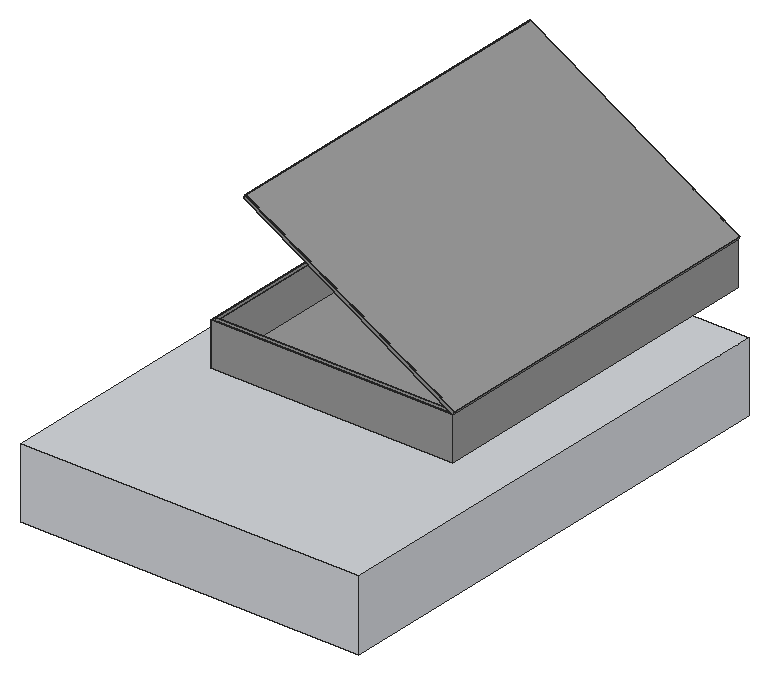
Revit family "Hager-Univers-IP54-D205-H550-Cl.I-Encl-CH-de", category Equipement électrique, Revit 2020
Family settings
  Hôte = Face
  Configuration du panneau = Deux colonnes, circuits au sein
  Cote de connecteur circulaire = Utiliser le diamètre
  Type d'élément = Tableau de raccordement
  Couper avec des vides une fois chargée = Non
  Partagée = Non
  Point de calcul de pièce = Non
Parameters (values of type "Aufputz IP54 B1050 H1550 T205  - FP04TW2")
  Width Control [instance] = if([EF000008 - Breite] > Min Width, [EF000008 - Breite], Min Width)  # 1050 mm
  Commentaires du type = [HG000003 - Bereich]  # "Univers"
  Thickness Door [instance] = if([EF009171 - Materialstärke Tür/Deckel] > 3 mm, 3 mm, [EF009171 - Materialstärke Tür/Deckel])  # 1 mm
  Seal Frame Offset [instance] = 17 mm  # constant formula
  Plinth Visibility [instance] = [HG000027 - Sockelhöhe] > 0 mm  # no
  Model = ""
  Min Width [instance] = 100 mm  # constant formula
  Min Height [instance] = 100 mm  # constant formula
  Min Depth [instance] = (2 * [EF009170 - Materialstärke Gehäuse]) + 1 mm  # 3 mm
  Internal Frame Depth [instance] = (Door System Depth * 0.5)  # 9 mm
  Height Control [instance] = if([EF000040 - Höhe] > Min Height, [EF000040 - Höhe], Min Height)  # 1550 mm
  HG000027 - Sockelhöhe = 0 mm
  HG000026 - Stehend auf dem Boden = no
  HG000024 - Höhe des unteren Teils = 800 mm
  HG000023 - Gehäuse mit doppeltem Querschnitt = no
  HG000016 - 3D-Türsichtbarkeit [instance] = yes
  HG000015 - Sichtbarkeit der Türöffnung [instance] = no
  HG000014 - Tür rechts [instance] = yes
  HG000013 - Tür links [instance] = not([HG000014 - Tür rechts])  # no
  HG000012 - Türschwenkwinkel [instance] = 30.00°
  HG000010 - Asymmetrische Türen = no
  HG000009 - Doppelflügeligen Tür = no
  HG000006 - Unterputz = no
  HG000004 - Herstellerreferenz = "FP04TW2"
  HG000003 - Bereich = "Univers"
  HG000002 - Mit tür = yes
  Frame Offset Bottom [instance] = 10 mm  # constant formula
  Frame Offset [instance] = 15 mm  # constant formula
  EF015940 - Deckel mit Überdruckentlastung = no
  EF011959 - Schutzart (NEMA) = ""
  EF009554 - Anzahl der Öffnungen für Flanschplatten = 8
  Fabricant = "Hager"  # constant formula
  EF009212 - Ausführung Deckel = "EV000116 - geschlossen"
  EF009171 - Materialstärke Tür/Deckel = 1 mm
  EF009170 - Materialstärke Gehäuse = 1 mm
  EF008873 - Nennstrom (In) = 400 A
  EF007800 - Geeignet für Blitzschutz = no
  EF006306 - Mit Schloss = no
  EF006244 - Transparenter Deckel/Tür = no
  EF005474 - Schutzart (IP) = "EV006419 - IP54"
  EF004464 - Art der Tür = "EV003602 - Doppel"
  EF004427 - Anzahl der Module = 480
  EF004293 - Schlagfestigkeit = "EV006815 - IK09"
  EF003532 - Geeignet für Außengebrauch = no
  EF002950 - Breite in Teilungseinheiten = 48
  EF001613 - Funktionserhalt = "EV000494 - ohne"
  EF001596 - Werkstoff des Gehäuses = "EV000179 - Stahl"
  EF001131 - Innentiefe = 205 mm
  EF001088 - Anbaumöglichkeit = yes
  EF000437 - Anzahl der Leitungseinführungen = 8
  EF000339 - Art der Abdeckung = "EV001012 - Deckel"
  EF000266 - Anzahl der Reihen = 10
  EF000218 - Einbautiefe = 205 mm
  EF000118 - Mit Montageplatte = no
  EF000116 - RAL-Nummer = "9010"
  EF000049 - Tiefe = 205 mm
  EF000040 - Höhe = 1550 mm
  EF000008 - Breite = 1050 mm
  EF000007 - Farbe = "EV000202 - weiß"
  EF000003 - Montageart = "EV000384 - Aufputz"
  Door System Leaf Tolerance [instance] = 1.5 mm  # constant formula
  Door System Depth [instance] = 18 mm  # constant formula
  Door Height [instance] = Height Control - [HG000027 - Sockelhöhe]  # 1550 mm
  Depth Control [instance] = if([EF000049 - Tiefe] > Min Depth, [EF000049 - Tiefe], Min Depth)  # 205 mm
  Default Elevation = 0 mm
  Connector Offset [instance] = Height Control / 2  # 775 mm
  Bottom Top Plate Trim [instance] = 1.5 mm  # constant formula
  Plinth height Ctrl [instance] = if([HG000027 - Sockelhöhe] > 0 mm, [HG000027 - Sockelhöhe], 12 mm)  # 12 mm
Reference planes
  plane 1 "Center (Front/Back)": y = 0
  plane 2: z = 0
  plane 3 "Center (Left/Right)": x = 0
  plane 4: z = 205
  plane 5: y = 1
  plane 6: y = 775
  plane 7: y = 0
  plane 8: y = 1550
  plane 9: z = 0
  plane 10: x = -510
  plane 11: x = 510
  plane 12: x = 509
  plane 13: x = -509
  plane 14: y = 1549
  plane 15: x = -508
  plane 16: x = -525
  plane 17: x = 508
  plane 18: x = 525
  plane 19: x = 524
  plane 20: x = -524
  plane 21: y = 11
  plane 22: y = 1550
  plane 23: y = 1534
  plane 24: z = 187
  plane 25: z = 1
  plane 26: z = 186
  plane 27: z = 204
Forms (mm)
  Extrusion 1, solid
    sketch origin (0, 0, 0) x (1, 0, 0) y (0, 1, 0)
      loop
        line (-702.964, 1305) -> (-702.964, -811.445) -> (766.763, -811.445) -> (766.763, 1305) -> (-702.964, 1305)
    from 0 to -304.8
  Extrusion 2, solid, material "Hager_Steel_RAL7035_Light_Grey", visible <- "Plinth Visibility", detail levels medium+fine
    sketch origin (0, 0, 0) x (1, 0, 0) y (0, 1, 0)
      loop
        line (-525, 0) -> (525, 0) -> (525, 12) -> (-525, 12) -> (-525, 0)
    from 0 to 187
  Extrusion 3, solid, material "Hager_Steel_RAL7035_Light_Grey", detail levels medium+fine
    sketch origin (0, 0, 0) x (1, 0, 0) y (0, 1, 0)
      loop
        line (-525, 0) -> (525, 0) -> (525, 1550) -> (-525, 1550) -> (-525, 0)
    from 0 to 187
  Extrusion 4, void
    sketch origin (0, 0, 0) x (1, 0, 0) y (0, 1, 0)
      loop
        line (-524, 1) -> (524, 1) -> (524, 1549) -> (-524, 1549) -> (-524, 1)
    from 1 to 186
  Extrusion 5, void
    sketch origin (-381.607, -4572, 187) x (0, -1, 0) y (-1, 0, 0)
      loop
        line (-4583, 127.393) -> (-6106, 127.393) -> (-6106, -890.607) -> (-4583, -890.607) -> (-4583, 127.393)
    from 0 to 1 <- "EF009170 - Materialstärke Gehäuse"
  Extrusion 6, solid, material "Hager_Steel_RAL7035_Light_Grey", detail levels fine
    sketch origin (0, 0, 187) x (1, 0, 0) y (0, 1, 0)
      loop
        line (-509, 1534) -> (-509, 11) -> (509, 11) -> (509, 1534) -> (-509, 1534)
      loop
        line (-510, 10) -> (510, 10) -> (510, 1535) -> (-510, 1535) -> (-510, 10)
    from 0 to 9 <- "Internal Frame Depth"
  Extrusion 7, solid, material "Hager_Steel_RAL7035_Light_Grey", detail levels coarse
    sketch origin (0, 0, 0) x (1, 0, 0) y (0, 1, 0)
      loop
        line (-525, 0) -> (525, 0) -> (525, 1550) -> (-525, 1550) -> (-525, 0)
    from 0 to 205
  Sweep 8, void
    path in 3D
      loop
        line (-525, 12, 0) -> (525, 12, 0) -> (525, 12, 187) -> (-525, 12, 187) -> (-525, 12, 0)
    profile origin (-525, 12, 93.5) x (-1, 0, 0) y (0, -1, 0)
      loop
        line (0, 0) -> (0, 1.5) -> (-1.5, 1.5)
        arc (-1.5, 1.5) -> (-1.061, 0.439) -> (0, 0) r 1.5
Cuts and joins
  Extrusion 4, Extrusion 5 cuts Extrusion 3
  Sweep 8 cuts Extrusion 2
Lines and regions (mm)
  Masking region 1
    outline origin (0, 0, 0) x (1, 0, 0) y (0, 0, 1)
      loop
        line (-525, 205) -> (-525, 0) -> (525, 0) -> (525, 205) -> (-525, 205)
  Masking region 2, detail levels medium+fine
    outline origin (0, 140, 0) x (0, 1, 0) y (0, 0, 1)
      loop
        line (-140, 0) -> (1410, 0) -> (1410, 187) -> (-140, 187) -> (-140, 0)
  Masking region 3, not visible, detail levels medium+fine
    outline origin (0, 297.922, 0) x (0, 1, 0) y (0, 0, 1)
      loop
        line (488.578, 0) -> (528.578, 0) -> (528.578, 194)
        arc (528.578, 194) -> (525.649, 201.071) -> (518.578, 204) r 10
        line (518.578, 204) -> (488.578, 204) -> (488.578, 0)
  Masking region 4, detail levels coarse
    outline origin (0, 0, 180) x (0, 1, 0) y (0, 0, 1)
      loop
        line (0, -180) -> (1550, -180) -> (1550, 25) -> (0, 25) -> (0, -180)
  Masking region 5, visible <- "Plinth Visibility", detail levels medium+fine
    outline origin (0, 52.24, 12.345) x (0, 0, -1) y (0, 1, 0)
      loop
        line (10.845, -40.24) -> (-173.155, -40.24)
        arc (-173.155, -40.24) -> (-173.594, -41.301) -> (-174.655, -41.74) r 1.5
        line (-174.655, -41.74) -> (-174.655, -52.24) -> (12.345, -52.24) -> (12.345, -41.74)
        arc (12.345, -41.74) -> (11.285, -41.301) -> (10.845, -40.24) r 1.5
  Masking region 6, detail levels medium+fine
    outline origin (-381.607, -4572, 187) x (-1, 0, 0) y (0, -1, 0)
      loop
        line (143.393, -6122) -> (143.393, -4572) -> (-906.607, -4572) -> (-906.607, -6122) -> (143.393, -6122)
  Masking region 7, visible <- "Plinth Visibility", detail levels medium+fine
    outline origin (-381.607, -4727, 187) x (-1, 0, 0) y (0, -1, 0)
      loop
        arc (141.893, -4739) -> (142.332, -4737.939) -> (143.393, -4737.5) r 1.5
        line (143.393, -4737.5) -> (143.393, -4727) -> (-906.607, -4727) -> (-906.607, -4737.5)
        arc (-906.607, -4737.5) -> (-905.546, -4737.939) -> (-905.107, -4739) r 1.5
        line (-905.107, -4739) -> (141.893, -4739)
  Masking region 8, detail levels coarse
    outline origin (-442.548, -4669.526, 187) x (-1, 0, 0) y (0, -1, 0)
      loop
        line (82.452, -6219.526) -> (82.452, -4669.526) -> (-967.548, -4669.526) -> (-967.548, -6219.526) -> (82.452, -6219.526)
  sketch lines
    curve 1: line (-525, 12, 187) -> (-525, 12, 0)
    curve 2: line (525, 12, 187) -> (-525, 12, 187)
    curve 3: line (525, 12, 187) -> (525, 12, 0)
    curve 4: line (-525, 12, 0) -> (525, 12, 0)
Dimensions and locks
  "Depth Control": plane 4 to Extrusion 1
  "HG000027 - Sockelhöhe": plane 1 "Center (Front/Back)" to plane 7
  "EF009170 - Materialstärke Gehäuse": plane 5 to plane 7
  locked: connector elem to plane 3 "Center (Left/Right)"
  equal spacing: plane 8, plane 6, plane 7
  locked: connector elem to plane 6
  "EF009170 - Materialstärke Gehäuse": plane 8 to plane 14
  "EF009170 - Materialstärke Gehäuse": plane 10 to plane 13
  "EF009170 - Materialstärke Gehäuse": plane 12 to plane 11
  "Frame Offset": plane 20 to plane 13
  "Frame Offset": plane 12 to plane 19
  "EF009170 - Materialstärke Gehäuse": plane 16 to plane 20
  "EF009170 - Materialstärke Gehäuse": plane 19 to plane 18
  "Seal Frame Offset": plane 16 to plane 15
  "Seal Frame Offset": plane 17 to plane 18
  "Frame Offset Bottom": plane 21 to plane 5
  "Frame Offset": plane 14 to plane 23
  equal spacing: plane 16, plane 3 "Center (Left/Right)", plane 18
  "Width Control": plane 16 to plane 18
  "EF009170 - Materialstärke Gehäuse": plane 4 to plane 27
  "EF009170 - Materialstärke Gehäuse": plane 24 to plane 26
  "EF009170 - Materialstärke Gehäuse": plane 25 to level
  "Door System Depth": plane 4 to plane 24
  "Height Control": plane 1 "Center (Front/Back)" to Extrusion 7 sketch curve
  "Height Control": Masking region 4 sketch curve to plane 1 "Center (Front/Back)"
  "Height Control": plane 1 "Center (Front/Back)" to plane 22
  "Bottom Top Plate Trim": profile plane to Sweep 8 sketch curve
  "Bottom Top Plate Trim": Sweep 8 sketch curve to profile plane
  "Plinth height Ctrl": plane 1 "Center (Front/Back)" to Extrusion 2 sketch curve
  "Plinth height Ctrl": Masking region 5 sketch curve to plane 1 "Center (Front/Back)"
  "Plinth height Ctrl": plane 1 "Center (Front/Back)" to Masking region 7 sketch curve
  "Thickness Door": Extrusion 6 sketch curve to Extrusion 6 sketch curve  (x3)
  "Thickness Door": cut or joined group of Extrusion 3, Extrusion 4, Extrusion 5 to Extrusion 6 sketch curve
  radius of Masking region 3 sketch curve = 10 mm
  "Bottom Top Plate Trim": radius of Masking region 5 sketch curve  (x2)
  "Bottom Top Plate Trim": radius of Sweep 8 sketch curve
  "Bottom Top Plate Trim": radius of Masking region 7 sketch curve  (x2)
  aligned and locked: plane 2 to Extrusion 1
  aligned and locked: level to Extrusion 1
  aligned and locked: level to Masking region 1 sketch curve
  aligned and locked: Masking region 1 sketch curve to plane 18
  aligned and locked: Masking region 1 sketch curve to plane 16
  aligned and locked: plane 7 to Masking region 2 sketch curve
  aligned and locked: level to Masking region 3 sketch curve
  aligned and locked: Masking region 3 sketch curve to plane 27
  aligned and locked: level to Masking region 2 sketch curve
  aligned and locked: plane 1 "Center (Front/Back)" to Extrusion 2 sketch curve
  aligned and locked: Extrusion 3 sketch curve to plane 7
  aligned and locked: plane 16 to Extrusion 3 sketch curve
  aligned and locked: plane 18 to Extrusion 3 sketch curve
  aligned and locked: plane 20 to Extrusion 4 sketch curve
  aligned and locked: plane 19 to Extrusion 4 sketch curve
  aligned and locked: Extrusion 4 sketch curve to plane 5
  aligned and locked: Extrusion 4 to plane 25
  aligned and locked: plane 26 to Extrusion 4
  aligned and locked: plane 24 to Extrusion 3
  aligned and locked: Extrusion 5 sketch curve to plane 21
  aligned and locked: Extrusion 5 sketch curve to plane 13
  aligned and locked: Extrusion 5 sketch curve to plane 12
  aligned and locked: plane 18 to Extrusion 7 sketch curve
  aligned and locked: plane 1 "Center (Front/Back)" to Extrusion 7 sketch curve
  aligned and locked: plane 16 to Extrusion 7 sketch curve
  aligned and locked: plane 4 to Extrusion 7
  aligned and locked: Extrusion 7 to level
  aligned and locked: level to Masking region 4 sketch curve
  aligned and locked: Masking region 4 sketch curve to plane 1 "Center (Front/Back)"
  aligned and locked: Masking region 4 sketch curve to plane 4
  aligned and locked: nested 1 to level
  aligned and locked: nested 1 to plane 16
  aligned and locked: Extrusion 3 sketch curve to plane 8
  aligned and locked: Extrusion 5 sketch curve to plane 23
  aligned and locked: Extrusion 4 sketch curve to plane 14
  aligned and locked: Masking region 2 sketch curve to plane 8
  aligned and locked: level to Masking region 5 sketch curve
  aligned and locked: plane 16 to Extrusion 2 sketch curve
  aligned and locked: plane 18 to Extrusion 2 sketch curve
  aligned and locked: Masking region 5 sketch curve to plane 24
  aligned and locked: Masking region 2 sketch curve to plane 24
  aligned and locked: plane 24 to Extrusion 2
  aligned and locked: profile plane to Sweep 8 sketch curve  (x2)
  aligned and locked: Masking region 6 sketch curve to plane 18
  aligned and locked: Masking region 6 sketch curve to plane 22
  aligned and locked: Masking region 6 sketch curve to plane 16
  aligned and locked: plane 8 to plane 22
  aligned and locked: Masking region 6 sketch curve to plane 7
  aligned and locked: Masking region 7 sketch curve to plane 16
  aligned and locked: Masking region 7 sketch curve to plane 1 "Center (Front/Back)"
  aligned and locked: Masking region 7 sketch curve to plane 18
  aligned and locked: Masking region 8 sketch curve to plane 1 "Center (Front/Back)"
  aligned and locked: Masking region 8 sketch curve to plane 18
  aligned and locked: Masking region 8 sketch curve to plane 22
  aligned and locked: Masking region 8 sketch curve to plane 16
  aligned and locked: nested 2 to plane 7
  aligned and locked: plane 3 "Center (Left/Right)" to nested 2
  aligned and locked: nested 2 to plane 24
  aligned and locked: Extrusion 6 sketch curve to cut or joined group of Extrusion 3, Extrusion 4, Extrusion 5  (x4)
Automatic sketch dimensions
  Extrusion 1 sketch curve to Extrusion 1 sketch curve = 1469.727 mm
  Extrusion 1 sketch curve to Extrusion 1 sketch curve = 2116.445 mm
  Masking region 1 sketch curve to plane 4 = 0 mm
  plane 6 to Masking region 3 sketch curve = 11.5 mm
  Masking region 3 sketch curve to Masking region 3 sketch curve = 30 mm
  Masking region 5 sketch curve to plane 1 "Center (Front/Back)" = 0 mm
Nested families
  nested 1: "Hager_Enclosure_Symbol" at (-525, 0, 0) x (1, 0, 0) z (0, -1, 0), Height <- "Depth Control", Width <- "Width Control", type "Hager_Enclosure_Symbol"
    with Width_Ctrl 1050 mm, Width 1050 mm, Height_Ctrl 205 mm, Height 205 mm, A_Width_Int 13.453 mm, A_Width 161.438 mm, A_Height_Ctrl 179.375 mm, A_Height 179.375 mm
  nested 2: "EC000058_Univers_Door" at (0, 0, 187) x (1, 0, 0) z (0, 1, 0), Leaf_Tolerance <- "Door System Leaf Tolerance", Angle <- "HG000012 - Türschwenkwinkel", Door_Depth <- "Door System Depth", Door_Left <- "HG000013 - Tür links", Transparent <- "EF006244 - Transparenter Deckel/Tür", Assymetrical <- "HG000010 - Asymmetrische Türen", Width <- "Width Control", Clearance <- "HG000015 - Sichtbarkeit der Türöffnung", Double <- "HG000009 - Doppelflügeligen Tür", 3d_Door <- "HG000016 - 3D-Türsichtbarkeit", Lock_Visibility <- "EF006306 - Mit Schloss", Width_Ctrl <- "Width Control", Door_Right <- "HG000014 - Tür rechts", Door <- "HG000002 - Mit tür", Height <- "Door Height", Thickness <- "Thickness Door", type "EC000058_Univers_Door", detail levels medium+fine
    with min_wh 3 mm, Width_Ctrl 1050 mm, Width 1050 mm, Transparent no, Thickness 1 mm, Seal_Material Hager_Rubber, Lock_Visibility no, Lock_Material Hager_Plastic_RAL9005_Jet_Black, Leaf_Width 1050 mm, Leaf_Tolerance_External_Sides 0 mm, Leaf_Tolerance 1.5 mm, Leaf_Offset 0 mm, Leaf_Height 1547 mm, Leaf_2_Width 1050 mm, Leaf_2_Offset 525 mm, Leaf_1_Width 1050 mm, Leaf_1_Offset 525 mm, Height_Ctrl 1550 mm, Height 1550 mm, Glass_Material Hager_Glass, Double_Clearance_Ctrl no, Double no, Door_Right_Ctrl yes, Door_Right yes, Door_Material Hager_Steel_RAL7035_Light_Grey, Door_Left_Ctrl no, Door_Left no, Door_Depth 18 mm, Door yes, Clearance_Material Hager_Clearance, Clearance_Depth 1050 mm, Clearance_Ctrl no, Clearance no, Assymetrical no, Angle 30.00°, 3d_Door yes
Connectors
  electrical at (0, 775, 0)
    settings: on plane 9, index 1, voltage 0 V, apparent load 0 VA, apparent load phase1 0 VA, apparent load phase2 0 VA, apparent load phase3 0 VA, power factor 1, load classification "Other", number of poles 1, system type 30, power factor state 1, is connector primary yes, connector utility no, sub classification motor no, connector description ""
Definition of nested family "EC000058_Univers_Door"
  Parameters (values of type "EC000058_Univers_Door")
    min_wh [instance] = (2 * Thickness) + 1 mm  # 11 mm
    Width_Ctrl [instance] = 400 mm
    Width [instance] = 500 mm
    Transparent [instance] = yes
    Thickness [instance] = 5 mm
    Seal_Material [instance] = none
    Lock_Visibility [instance] = yes
    Lock_Material [instance] = none
    Leaf_Width [instance] = if((Width_Ctrl - 2 * Leaf_Tolerance_External_Sides) > 0 mm, (Width_Ctrl - 2 * Leaf_Tolerance_External_Sides), min_wh)  # 400 mm
    Leaf_Tolerance_External_Sides [instance] = 0 mm  # constant formula
    Leaf_Tolerance [instance] = 1.5 mm
    Leaf_Offset [instance] = 0 mm  # constant formula
    Leaf_Height [instance] = if((Height_Ctrl - 2 * Leaf_Tolerance) > 0 mm, (Height_Ctrl - 2 * Leaf_Tolerance), min_wh)  # 497 mm
    Leaf_2_Width [instance] = if(and(and(Double, Assymetrical), Door_Left), (Leaf_Width / 3) - (Leaf_Tolerance / 2), if(and(and(Double, Assymetrical), Door_Right), (Leaf_Width / 3) * 2 - (Leaf_Tolerance / 2), if(and(Double, not(Assymetrical)), (Leaf_Width / 2) - Leaf_Tolerance, Leaf_Width)))  # 400 mm
    Leaf_2_Offset [instance] = if(and(Double, Assymetrical), Leaf_2_Width / 2, if(and(Double, not(Assymetrical)), Leaf_Width / 4, Leaf_Width / 2))  # 200 mm
    Leaf_1_Width [instance] = if(and(and(Double, Assymetrical), Door_Right), (Leaf_Width / 3) - (Leaf_Tolerance / 2), if(and(and(Double, Assymetrical), Door_Left), (Width / 3) * 2 - (Leaf_Tolerance / 2), if(and(Double, not(Assymetrical)), (Leaf_Width / 2) - Leaf_Tolerance, Leaf_Width)))  # 400 mm
    Leaf_1_Offset [instance] = if(and(Double, Assymetrical), Leaf_1_Width / 2, if(and(Double, not(Assymetrical)), Leaf_Width / 4, Leaf_Width / 2))  # 200 mm
    Height_Ctrl [instance] = if(Height > min_wh, Height, min_wh)  # 500 mm
    Height [instance] = 500 mm
    Glass_Material [instance] = none
    Double_Clearance_Ctrl [instance] = and(Double, Clearance)  # no
    Double [instance] = no
    Door_Right_Ctrl [instance] = and(or(Door_Right, Double), Door)  # yes
    Door_Right [instance] = yes
    Door_Material [instance] = none
    Door_Left_Ctrl [instance] = and(or(Door_Left, Double), Door)  # no
    Door_Left [instance] = no
    Door_Depth [instance] = 30 mm
    Door [instance] = yes
    Default Elevation = 1219.2 mm
    Clearance_Material [instance] = none
    Clearance_Depth [instance] = if(Leaf_1_Width > Leaf_2_Width, Leaf_1_Width, Leaf_2_Width)  # 400 mm
    Clearance_Ctrl [instance] = and(not(Double), Clearance)  # yes
    Clearance [instance] = yes
    Assymetrical [instance] = yes
    Angle [instance] = 30.00°
    3d_Door [instance] = yes
  Reference planes
    plane 1 "Center (Front/Back)": y = 0
    plane 2 "Bottom": z = 0
    plane 3 "Center (Left/Right)": x = 0
    plane 4: z = 500
    plane 5: x = -200
    plane 6: x = 200
    plane 7: z = 500
    plane 8: x = -200
    plane 9: z = 0
    plane 10: x = 200
    plane 11: y = 0
    plane 12: z = 1.5
    plane 13: x = -600
    plane 14: y = -400
    plane 15: x = 600
    plane 16: x = 0
    plane 17: x = 0
    plane 18: x = -200
    plane 19: x = 200
    plane 20: z = 498.5
  Forms (mm)
    Extrusion 1, solid, material <- "Clearance_Material", visible <- "Double_Clearance_Ctrl"
      sketch origin (1200, 0, 0) x (1, 0, 0) y (0, 0, -1)
        loop
          line (-1800, -498.5) -> (-600, -498.5) -> (-600, 0) -> (-1800, 0) -> (-1800, -498.5)
      from 0 to -400
  Dimensions and locks
    equal spacing: plane 5, plane 3 "Center (Left/Right)", plane 6
    "Width_Ctrl": plane 5 to plane 6
    "Leaf_Offset": plane 5 to plane 8
    "Leaf_Offset": plane 6 to plane 10
    "Leaf_Offset": plane 9 to level
    "Leaf_Offset": plane 4 to plane 7
    "Height_Ctrl": plane 4 to level
    "Leaf_Tolerance": plane 12 to plane 9
    locked: plane 11 to plane 1 "Center (Front/Back)"
    "Leaf_1_Offset": plane 18 to plane 16
    "Leaf_2_Offset": plane 17 to plane 19
    "Leaf_1_Width": plane 13 to plane 8
    "Leaf_2_Width": plane 10 to plane 15
    "Clearance_Depth": plane 14 to plane 1 "Center (Front/Back)"
    "Leaf_Tolerance_External_Sides": plane 8 to plane 18
    "Leaf_Tolerance_External_Sides": plane 19 to plane 10
    "Leaf_Tolerance": plane 7 to plane 20
    aligned and locked: level to plane 2 "Bottom"
    aligned and locked: nested 1 to plane 16
    aligned and locked: nested 2 to plane 17
    aligned and locked: Extrusion 1 to plane 13
    aligned and locked: plane 15 to Extrusion 1
    aligned and locked: Extrusion 1 to plane 14
    aligned and locked: plane 12 to nested 1
    aligned and locked: nested 2 to plane 12
    aligned and locked: Extrusion 1 to plane 11
    aligned and locked: plane 20 to Extrusion 1
    aligned and locked: nested 2 to plane 11
    aligned and locked: nested 1 to plane 11
  Automatic sketch dimensions
    Extrusion 1 sketch curve to level = 0 mm
    plane 5 to Extrusion 1 sketch curve = 400 mm
    plane 6 to Extrusion 1 sketch curve = 400 mm
    Extrusion 1 sketch curve to plane 4 = 1.5 mm
  Nested families
    nested 1: "EC000058_Univers_Door_Leaf" at (0, 0, 1.5), Width <- "Leaf_1_Width", visible <- "Door_Left_Ctrl", Leaf_Height <- "Leaf_Height", Angle <- "Angle", 3d_Door <- "3d_Door", Transparent <- "Transparent", Clearance Material <- "Clearance_Material", Clearance <- "Clearance_Ctrl", Door_Material <- "Door_Material", Glass_Material <- "Glass_Material", Door_Depth <- "Door_Depth", Lock_Material <- "Lock_Material", Seal_Material <- "Seal_Material", Lock_Visibility <- "Lock_Visibility", Thickness <- "Thickness", type "EC000058_Univers_Door_Leaf"
      with Width 400 mm, Transparent_Glass_Offset 30 mm, Transparent_Ctrl yes, Transparent yes, Thickness 5 mm, Standard no, Seal_Material none, Seal_D2 8 mm, Seal_D1 1 mm, Offset_Internal_Frame 10 mm, Lock_Width 20 mm, Lock_Visibility_3d yes, Lock_Visibility yes, Lock_Thickness_3 3 mm, Lock_Thickness_2 1 mm, Lock_Thickness_1 3 mm, Lock_Radius_Offset_2 16 mm, Lock_Radius_Offset_1 15 mm, Lock_Radius_2 5 mm, Lock_Radius 6 mm, Lock_Offset 5 mm, Lock_Material none, Lock_Height 80 mm, Lock_Cover_Top_Offset_2d 17 mm, Lock_Cover_Height -65 mm, Leaf_Height 497 mm, Internal_Seal_Thickness 8 mm, Internal_Seal_Depth_2 4.5 mm, Internal_Frame_Depth 25 mm, Glass_Thickness -1 mm, Glass_Offset -2 mm, Glass_Material none, Door_Material none, Door_Depth 30 mm, Clearance Material none, Clearance yes, Angle_Ctrl 30.00°, Angle 30.00°, 3d_Door yes
    nested 2: "EC000058_Univers_Door_Leaf" at (0, 0, 1.5) x (-1, 0, 0) z (0, 0, 1), Width <- "Leaf_2_Width", visible <- "Door_Right_Ctrl", Leaf_Height <- "Leaf_Height", Angle <- "Angle", 3d_Door <- "3d_Door", Transparent <- "Transparent", Clearance Material <- "Clearance_Material", Clearance <- "Clearance_Ctrl", Door_Material <- "Door_Material", Glass_Material <- "Glass_Material", Door_Depth <- "Door_Depth", Lock_Material <- "Lock_Material", Seal_Material <- "Seal_Material", Lock_Visibility <- "Lock_Visibility", Thickness <- "Thickness", type "EC000058_Univers_Door_Leaf"
      with Width 400 mm, Transparent_Glass_Offset 30 mm, Transparent_Ctrl yes, Transparent yes, Thickness 5 mm, Standard no, Seal_Material none, Seal_D2 8 mm, Seal_D1 1 mm, Offset_Internal_Frame 10 mm, Lock_Width 20 mm, Lock_Visibility_3d yes, Lock_Visibility yes, Lock_Thickness_3 3 mm, Lock_Thickness_2 1 mm, Lock_Thickness_1 3 mm, Lock_Radius_Offset_2 16 mm, Lock_Radius_Offset_1 15 mm, Lock_Radius_2 5 mm, Lock_Radius 6 mm, Lock_Offset 5 mm, Lock_Material none, Lock_Height 80 mm, Lock_Cover_Top_Offset_2d 17 mm, Lock_Cover_Height -65 mm, Leaf_Height 497 mm, Internal_Seal_Thickness 8 mm, Internal_Seal_Depth_2 4.5 mm, Internal_Frame_Depth 25 mm, Glass_Thickness -1 mm, Glass_Offset -2 mm, Glass_Material none, Door_Material none, Door_Depth 30 mm, Clearance Material none, Clearance yes, Angle_Ctrl 30.00°, Angle 30.00°, 3d_Door yes
  Definition of nested family "EC000058_Univers_Door_Leaf"
    Parameters (values of type "EC000058_Univers_Door_Leaf")
      Width [instance] = 2000 mm
      Transparent_Glass_Offset [instance] = 30 mm
      Transparent_Ctrl [instance] = and(Transparent, [3d_Door])  # yes
      Transparent [instance] = yes
      Thickness [instance] = 5 mm
      Standard [instance] = and(not(Transparent), [3d_Door])  # no
      Seal_Material [instance] = none
      Seal_D2 [instance] = 8 mm  # constant formula
      Seal_D1 [instance] = 1 mm  # constant formula
      Offset_Internal_Frame [instance] = 10 mm  # constant formula
      Lock_Width [instance] = 20 mm  # constant formula
      Lock_Visibility_3d [instance] = and(Lock_Visibility, [3d_Door])  # yes
      Lock_Visibility [instance] = yes
      Lock_Thickness_3 [instance] = 3 mm  # constant formula
      Lock_Thickness_2 [instance] = 1 mm  # constant formula
      Lock_Thickness_1 [instance] = 3 mm  # constant formula
      Lock_Radius_Offset_2 [instance] = Lock_Radius_Offset_1 + 1 mm  # 16 mm
      Lock_Radius_Offset_1 [instance] = 15 mm  # constant formula
      Lock_Radius_2 [instance] = Lock_Radius - 1 mm  # 5 mm
      Lock_Radius [instance] = 6 mm  # constant formula
      Lock_Offset [instance] = 5 mm  # constant formula
      Lock_Material [instance] = none
      Lock_Height [instance] = 80 mm  # constant formula
      Lock_Cover_Top_Offset_2d [instance] = Lock_Radius_Offset_2 + 1 mm  # 17 mm
      Lock_Cover_Height [instance] = -(Lock_Height - Lock_Radius_Offset_1)  # -65 mm
      Leaf_Height [instance] = 2720.336 mm
      Internal_Seal_Thickness [instance] = 8 mm  # constant formula
      Internal_Seal_Depth_2 [instance] = 4.5 mm  # constant formula
      Internal_Frame_Depth [instance] = if(Door_Depth - Thickness > 5 mm, Door_Depth - Thickness, 5 mm)  # 25 mm
      Glass_Thickness [instance] = if(Thickness > 15 mm, Glass_Offset + 10 mm, -1 mm)  # -1 mm
      Glass_Offset [instance] = if(Thickness > 15 mm, -(Thickness + 10 mm) / 2, -2 mm)  # -2 mm
      Glass_Material [instance] = none
      Door_Material [instance] = none
      Door_Depth [instance] = 30 mm
      Default Elevation = 0 mm
      Clearance Material [instance] = none
      Clearance [instance] = yes
      Angle_Ctrl [instance] = if(Angle > 180.00°, 180.00°, Angle)  # 90.00°
      Angle [instance] = 90.00°
      3d_Door [instance] = yes
    Reference planes
      plane 1 "Center (Front/Back)": y = 0
      plane 2: z = 0
      plane 3 "Center (Left/Right)": x = 0
      plane 4: y = 2000
      plane 5: x = -1000
      plane 6: x = 1000
      plane 7: x = -3000
      plane 8: z = 2720.336
      plane 9: z = 30
      plane 10: z = 2690.336
      plane 11: x = 970
      plane 12: x = -970
      plane 13: y = -3
      plane 14: z = 107.833
      plane 15: y = -5
      plane 16: y = -223.314
      plane 17: x = -1000
      plane 18: z = 1360.168
      plane 19: y = 30
    Forms (mm)
      Extrusion 1, solid, material <- "Clearance Material", visible <- "Clearance"
        sketch origin (0, 0, 0) x (1, 0, 0) y (0, 0, 1)
          loop
            line (-3000, 2720.336) -> (-3000, 0) -> (1000, 0) -> (1000, 2720.336) -> (-3000, 2720.336)
        from 0 to -2000
      Extrusion 2, solid, material <- "Door_Material", visible <- "Standard", detail levels medium+fine
        sketch origin (-1000, 0, 0) x (0, 1, 0) y (-1, 0, 0)
          loop
            line (0, 30) -> (0, 25) -> (2000, 25) -> (2000, 30) -> (0, 30)
        from 0 to 2720.336 <- "Leaf_Height"
      Extrusion 3, solid, material <- "Door_Material", visible <- "Transparent_Ctrl", detail levels medium+fine
        sketch origin (-1000, 0, 0) x (0, 1, 0) y (-1, 0, 0)
          loop
            line (0, 25) -> (2000, 25) -> (2000, 30) -> (0, 30) -> (0, 25)
        from 0 to 2720.336 <- "Leaf_Height"
      Extrusion 4, void
        sketch origin (-1025, 2000, 0) x (0, 1, 0) y (0, 0, -1)
          loop
            line (-30, -2690.336) -> (-30, -30) -> (-1970, -30) -> (-1970, -2690.336) -> (-30, -2690.336)
        from 0 to 5 <- "Thickness"
      Sweep 5, solid, material <- "Seal_Material", visible <- "Transparent_Ctrl", detail levels fine
        path in 3D
          loop
            line (-1025, 30, 30) -> (-1025, 30, 2690.336) -> (-1025, 1970, 2690.336) -> (-1025, 1970, 30) -> (-1025, 30, 30)
        profile origin (-1025, 1000, 30) x (1, 0, 0) y (0, 0, 1)
          loop
            line (0, 0) -> (0, -8) -> (1, -8) -> (1, 0) -> (0, 0)
      Extrusion 6, solid, material <- "Glass_Material", visible <- "Transparent_Ctrl", detail levels medium+fine
        sketch origin (-1030, 0, 0) x (0, 1, 0) y (0, 0, -1)
          loop
            line (1970, -2690.336) -> (1970, -30) -> (30, -30) -> (30, -2690.336) -> (1970, -2690.336)
        from -2 <- "Glass_Offset" to -1 <- "Glass_Thickness"
      Extrusion 7, solid, material <- "Door_Material", visible <- "3d_Door", detail levels medium+fine
        sketch origin (-1025, 2000, 0) x (0, -1, 0) y (0, 0, -1)
          loop
            line (0, -2720.336) -> (2000, -2720.336) -> (2000, 0) -> (0, 0) -> (0, -2720.336)
          loop
            line (1995, -5) -> (5, -5) -> (5, -2715.336) -> (1995, -2715.336) -> (1995, -5)
        from 0 to 25 <- "Internal_Frame_Depth"
      Sweep 8, solid, material <- "Seal_Material", visible <- "Transparent_Ctrl", detail levels fine
        path in 3D
          loop
            line (-1025, 0, 0) -> (-1025, 2000, 0) -> (-1025, 2000, 2720.336) -> (-1025, 0, 2720.336) -> (-1025, 0, 0)
        profile origin (-1025, 0, 1360.168) x (1, 0, 0) y (0, 1, 0)
          loop
            line (0, 10) -> (2.975, 10)
            arc (2.975, 10) -> (4.053, 10.447) -> (4.5, 11.525) r 1.525
            line (4.5, 11.525) -> (4.5, 16.527)
            arc (4.5, 16.527) -> (4.069, 17.569) -> (3.027, 18) r 1.473
            line (3.027, 18) -> (0, 18) -> (0, 10)
      Extrusion 9, solid, material <- "Lock_Material", visible <- "Lock_Visibility_3d", detail levels fine
        sketch origin (-1030, 0, 0) x (0, 1, 0) y (0, 0, -1)
          loop
            arc (1993.5, -1400.168) -> (1994.561, -1399.729) -> (1995, -1398.668) r 1.5
            line (1995, -1398.668) -> (1995, -1320.168) -> (1975, -1320.168) -> (1975, -1398.668)
            arc (1975, -1398.668) -> (1975.439, -1399.729) -> (1976.5, -1400.168) r 1.5
            line (1976.5, -1400.168) -> (1993.5, -1400.168)
        from 3 <- "Lock_Thickness_1" to 0
      Blend 10, solid, material <- "Lock_Material", visible <- "Lock_Visibility_3d", detail levels fine
        base sketch origin (-1033, 0, 0) x (0, 1, 0) y (0, 0, -1)
          loop
            line (1975, -1320.168) -> (1975, -1398.668)
            arc (1975, -1398.668) -> (1975.439, -1399.729) -> (1976.5, -1400.168) r 1.5
            line (1976.5, -1400.168) -> (1993.5, -1400.168)
            arc (1993.5, -1400.168) -> (1994.561, -1399.729) -> (1995, -1398.668) r 1.5
            line (1995, -1398.668) -> (1995, -1320.168) -> (1975, -1320.168)
        top sketch origin (-1033, 0, 0) x (0, 1, 0) y (0, 0, -1)
          loop
            line (1976, -1320.168) -> (1976, -1398.668)
            arc (1976, -1398.668) -> (1976.146, -1399.022) -> (1976.5, -1399.168) r 0.5
            line (1976.5, -1399.168) -> (1993.5, -1399.168)
            arc (1993.5, -1399.168) -> (1993.854, -1399.022) -> (1994, -1398.668) r 0.5
            line (1994, -1398.668) -> (1994, -1320.168) -> (1976, -1320.168)
        from 0 to 1 <- "Lock_Thickness_2"
      Blend 11, solid, material <- "Lock_Material", visible <- "Lock_Visibility_3d", detail levels fine
        base sketch origin (-1034, 0, 0) x (0, 1, 0) y (0, 0, -1)
          loop
            line (1978, -1320.168) -> (1978, -1384.168)
            arc (1978, -1384.168) -> (1985, -1391.168) -> (1992, -1384.168) r 7
            line (1992, -1384.168) -> (1992, -1320.168) -> (1978, -1320.168)
        top sketch origin (-1034, 0, 0) x (0, 1, 0) y (0, 0, -1)
          loop
            line (1991, -1320.168) -> (1979, -1320.168) -> (1979, -1383.168)
            arc (1979, -1383.168) -> (1985, -1389.168) -> (1991, -1383.168) r 6
            line (1991, -1383.168) -> (1991, -1320.168)
        from 0 to 3 <- "Lock_Thickness_3"
      Extrusion 12, solid, material <- "Lock_Material", visible <- "Lock_Visibility_3d", detail levels fine
        sketch origin (-1030, 1975, 1320.168) x (1, 0, 0) y (0, -1, 0)
          loop
            line (-7, -19) -> (-7, -1) -> (0, -1) -> (0, 0) -> (-8, 0) -> (-8, -20) -> (0, -20) -> (0, -19) -> (-7, -19)
        from 0 to -65 <- "Lock_Cover_Height"
      Extrusion 13, void
        sketch origin (-1038, 1995, 1320.168) x (-1, 0, 0) y (0, 0, -1)
          loop
            line (-5, -65) -> (0, -65) -> (-5, -60) -> (-5, -65)
        from 0 to 20 <- "Lock_Width"
      Extrusion 14, void
        sketch origin (-1038, 1975, 1320.168) x (0, -1, 0) y (0, 0, -1)
          loop
            circle (-10, -15.995) r 6
          loop
            circle (-10, -15.995) r 5
        from 0 to 2
      Extrusion 15, solid, material <- "Lock_Material", visible <- "Lock_Visibility_3d", detail levels medium
        sketch origin (-1030, 0, 0) x (0, 1, 0) y (0, 0, -1)
          loop
            arc (1993.5, -1400.168) -> (1994.561, -1399.729) -> (1995, -1398.668) r 1.5
            line (1995, -1398.668) -> (1995, -1320.168) -> (1975, -1320.168) -> (1975, -1398.668)
            arc (1975, -1398.668) -> (1975.439, -1399.729) -> (1976.5, -1400.168) r 1.5
            line (1976.5, -1400.168) -> (1993.5, -1400.168)
        from 8 to 0
    Cuts and joins
      Extrusion 4 cuts Extrusion 3
      Extrusion 13, Extrusion 14 cuts Extrusion 9
      Extrusion 14 cuts Blend 11
      Extrusion 13, Extrusion 14 cuts Extrusion 12
      joined: Extrusion 9, Blend 10, Blend 11, Extrusion 12
      Extrusion 14 cuts Extrusion 15
    Lines and regions (mm)
      Masking region 1, visible <- "Lock_Visibility", detail levels fine
        outline origin (0, 0, 0) x (0, 1, 0) y (0, 0, 1)
          loop
            line (30, 1320.168) -> (33, 1320.168) -> (33, 1400.168) -> (30, 1400.168) -> (30, 1320.168)
      Masking region 2, visible <- "Lock_Visibility", detail levels fine
        outline origin (0, 3.143, 0) x (0, 1, 0) y (0, 0, 1)
          loop
            line (29.857, 1354.168) -> (30.857, 1354.168) -> (30.857, 1366.168) -> (29.857, 1366.168) -> (29.857, 1354.168)
      Masking region 3, detail levels medium+fine
        outline origin (0, 0, 0) x (0, 1, 0) y (0, 0, 1)
          loop
            line (0, 0) -> (30, 0) -> (30, 2720.336) -> (0, 2720.336) -> (0, 0)
      Masking region 4, detail levels medium+fine
        outline origin (0, 0, 0) x (1, 0, 0) y (0, 0, 1)
          loop
            line (-1000, 2720.336) -> (-1000, 0) -> (1000, 0) -> (1000, 2720.336) -> (-1000, 2720.336)
      Masking region 5, visible <- "Lock_Visibility", detail levels fine
        outline origin (-47.116, 0, 0) x (1, 0, 0) y (0, 0, 1)
          loop
            arc (1024.616, 1399.168) -> (1023.556, 1398.729) -> (1023.116, 1397.668) r 1.5
            line (1023.116, 1397.668) -> (1023.116, 1320.168) -> (1041.116, 1320.168) -> (1041.116, 1397.668)
            arc (1041.116, 1397.668) -> (1040.677, 1398.729) -> (1039.616, 1399.168) r 1.5
            line (1039.616, 1399.168) -> (1024.616, 1399.168)
      Masking region 6, visible <- "Lock_Visibility", detail levels medium+fine
        outline origin (-25, 0, 0) x (1, 0, 0) y (0, 0, 1)
          loop
            arc (1001.5, 1400.168) -> (1000.439, 1399.729) -> (1000, 1398.668) r 1.5
            line (1000, 1398.668) -> (1000, 1320.168) -> (1020, 1320.168) -> (1020, 1398.668)
            arc (1020, 1398.668) -> (1019.561, 1399.729) -> (1018.5, 1400.168) r 1.5
            line (1018.5, 1400.168) -> (1001.5, 1400.168)
      Masking region 7, visible <- "Lock_Visibility", detail levels fine
        outline origin (-73.735, 0, 0) x (1, 0, 0) y (0, 0, 1)
          loop
            line (1051.735, 1382.168) -> (1065.735, 1382.168) -> (1065.735, 1384.168)
            arc (1065.735, 1384.168) -> (1058.735, 1391.168) -> (1051.735, 1384.168) r 7
            line (1051.735, 1384.168) -> (1051.735, 1382.168)
      Masking region 8, visible <- "Lock_Visibility", detail levels fine
        outline origin (-73.735, 0, 0) x (1, 0, 0) y (0, 0, 1)
          loop
            line (1052.735, 1382.168) -> (1064.735, 1382.168) -> (1064.735, 1383.168)
            arc (1064.735, 1383.168) -> (1058.735, 1389.168) -> (1052.735, 1383.168) r 6
            line (1052.735, 1383.168) -> (1052.735, 1382.168)
      Masking region 9, visible <- "Lock_Visibility", detail levels fine
        outline origin (-25, 0, 0) x (1, 0, 0) y (0, 0, 1)
          loop
            line (1020, 1320.168) -> (1020, 1382.168) -> (1000, 1382.168) -> (1000, 1320.168) -> (1020, 1320.168)
      Masking region 10, detail levels medium+fine
        outline origin (0, 0, 0) x (1, 0, 0) y (0, 0, 1)
          loop
            circle (985, 1335.144) r 6
      Masking region 11, detail levels fine
        outline origin (0, 0, 0) x (1, 0, 0) y (0, 0, 1)
          loop
            circle (985, 1335.144) r 5
      Masking region 12, visible <- "Lock_Visibility", detail levels fine
        outline origin (0, 12.767, 0) x (0, 1, 0) y (0, 0, 1)
          loop
            line (20.233, 1320.168) -> (21.233, 1320.168) -> (21.233, 1399.168) -> (20.233, 1400.168) -> (20.233, 1320.168)
      Masking region 13, visible <- "Lock_Visibility", detail levels fine
        outline origin (0, 13.767, -10) x (0, 1, 0) y (0, 0, 1)
          loop
            line (20.233, 1330.168) -> (23.233, 1330.168) -> (23.233, 1399.168) -> (20.233, 1402.168) -> (20.233, 1330.168)
      Masking region 14, visible <- "Lock_Visibility", detail levels fine
        outline origin (0, 12.767, -10) x (0, 1, 0) y (0, 0, 1)
          loop
            line (20.233, 1330.168) -> (25.233, 1330.168) -> (25.233, 1399.305) -> (20.233, 1394.305) -> (20.233, 1330.168)
      Masking region 15, visible <- "Lock_Visibility", detail levels medium
        outline origin (0, 0, 0) x (0, 1, 0) y (0, 0, 1)
          loop
            line (30, 1320.168) -> (38, 1320.168) -> (38, 1400.168) -> (30, 1400.168) -> (30, 1320.168)
      Masking region 16, visible <- "Lock_Visibility", detail levels fine
        outline origin (-1000, 0, 0) x (0, 1, 0) y (-1, 0, 0)
          loop
            line (1975, 30) -> (1995, 30) -> (1995, 38) -> (1975, 38) -> (1975, 30)
          loop
            line (1979, 37) -> (1976, 37) -> (1976, 34) -> (1978, 34) -> (1979, 37)
          loop
            line (1994, 37) -> (1991, 37) -> (1992, 34) -> (1994, 34) -> (1994, 37)
      Masking region 17, visible <- "Lock_Visibility", detail levels medium
        outline origin (-1000, 0, 0) x (0, 1, 0) y (-1, 0, 0)
          loop
            line (1975, 30) -> (1995, 30) -> (1995, 38) -> (1975, 38) -> (1975, 30)
      symbolic lines
        curve 1: line (1000, 0, 0) -> (-3000, 0, 0)
        curve 2: arc (1000, 0, 0) -> (-1000, 2000, 0) -> (-3000, 0, 0) r 2000
        curve 4: line (-1030, 0, 0) -> (-1030, 2000, 0)
      reference lines
        curve 3: line (-1000, 0, 0) -> (-1000, 2000, 0)
      symbolic lines, detail levels medium+fine
        curve 5: line (-1030, 2000, 0) -> (-1025, 2000, 0)
        curve 7: line (-1025, 0, 0) -> (-1030, 0, 0)
        curve 8: line (-1025, 0, 0) -> (-1000, 0, 0)
        curve 9: line (-1000, 0, 0) -> (-1000, 2000, 0)
        curve 10: line (-1000, 2000, 0) -> (-1025, 2000, 0)
      symbolic lines, detail levels fine
        curve 6: line (-1025, 2000, 0) -> (-1025, 0, 0)
      sketch lines
        curve 11: line (-1025, 0, 2720.336) -> (-1025, 0, 0)
        curve 12: line (-1025, 2000, 0) -> (-1025, 0, 0)
        curve 13: line (-1025, 2000, 2720.336) -> (-1025, 2000, 0)
        curve 14: line (-1025, 0, 2720.336) -> (-1025, 2000, 2720.336)
        curve 15: line (-1025, 1970, 30) -> (-1025, 30, 30)
        curve 16: line (-1025, 30, 30) -> (-1025, 30, 2690.336)
        curve 17: line (-1025, 1970, 2690.336) -> (-1025, 1970, 30)
        curve 18: line (-1025, 30, 2690.336) -> (-1025, 1970, 2690.336)
      symbolic lines, visible <- "Transparent", detail levels medium+fine
        curve 19: line (-970, 0, 2690.336) -> (970, 0, 2690.336)
        curve 20: line (-970, 0, 30) -> (-970, 0, 2690.336)
        curve 21: line (970, 0, 30) -> (-970, 0, 30)
        curve 22: line (970, 0, 2690.336) -> (970, 0, 30)
    Dimensions and locks
      "Width": plane 1 "Center (Front/Back)" to plane 4
      equal spacing: plane 5, plane 3 "Center (Left/Right)", plane 6
      "Width": plane 5 to plane 6
      "Width": plane 7 to plane 5
      "Leaf_Height": plane 8 to level
      "Width": curve 5 to curve 3
      "Width": curve 3 to curve 3
      plane 8 to plane 10 = 30 mm
      plane 9 to level = 30 mm
      plane 12 to plane 5 = 30 mm
      plane 6 to plane 11 = 30 mm
      Extrusion 1 to Extrusion 4 sketch curve = 30 mm
      "Transparent_Glass_Offset": curve 3 to Extrusion 4 sketch curve
      "Transparent_Glass_Offset": Extrusion 4 sketch curve to cut or joined group of Extrusion 3, Extrusion 4  (x2)
      cut or joined group of Extrusion 3, Extrusion 4 to Extrusion 6 sketch curve = 30 mm
      "Transparent_Glass_Offset": cut or joined group of Extrusion 3, Extrusion 4 to Extrusion 4 sketch curve
      "Thickness": curve 6 to curve 4
      "Thickness": Extrusion 7 sketch curve to Extrusion 7 sketch curve  (x4)
      "Door_Depth": curve 4 to curve 3
      "Offset_Internal_Frame": profile plane to Sweep 8 sketch curve
      "Internal_Seal_Thickness": Sweep 8 sketch curve to Sweep 8 sketch curve
      "Internal_Seal_Depth_2": profile plane to Sweep 8 sketch curve
      "Seal_D1": profile plane to Sweep 5 sketch curve
      "Seal_D2": profile plane to Sweep 5 sketch curve
      "Thickness": Extrusion 2 sketch curve to Extrusion 2 sketch curve
      equal spacing: Extrusion 9 sketch curve, plane 18, Extrusion 9 sketch curve  (x2)
      equal spacing: Masking region 1 sketch curve, plane 18, Masking region 1 sketch curve
      "Lock_Height": Masking region 1 sketch curve to Masking region 1 sketch curve
      "Lock_Radius": Masking region 2 sketch curve to plane 18 to Masking region 2 sketch curve
      Masking region 2 sketch curve to Masking region 1 = 1 mm
      "Door_Depth": plane 19 to plane 1 "Center (Front/Back)"
      "Lock_Thickness_1": Masking region 1 sketch curve to plane 19
      "Lock_Width": Extrusion 9 sketch curve to Extrusion 9 sketch curve
      "Lock_Height": Extrusion 9 sketch curve to Extrusion 9 sketch curve
      "Lock_Offset": cut or joined group of Extrusion 3, Extrusion 4 to Extrusion 9 sketch curve
      equal spacing: plane 8, plane 18, level
      "Lock_Radius_Offset_1": Blend 11 sketch curve to Blend 10
      locked: Blend 10 to Blend 11 sketch curve at 2  (x2)
      locked: var sketch to Blend 11 sketch curve at 1  (x2)
      "Lock_Radius_Offset_2": Blend 11 sketch curve to Blend 10
      locked: Extrusion 12 sketch curve to Extrusion 12 sketch curve at 1  (x3)
      Masking region 6 sketch curve to Masking region 6 sketch curve = 80 mm
      "Lock_Height": Masking region 6 sketch curve to Masking region 6 sketch curve
      "Lock_Width": Masking region 6 sketch curve to Masking region 6 sketch curve
      locked: Masking region 6 to Masking region 5 sketch curve at 1  (x3)
      locked: Masking region 5 to Masking region 7 sketch curve at 2  (x2)
      "Lock_Radius_Offset_1": Masking region 5 to Masking region 7 sketch curve
      "Lock_Radius_Offset_2": Masking region 5 to Masking region 8 sketch curve
      locked: Masking region 7 to Masking region 8 sketch curve at 1  (x2)
      "Lock_Cover_Top_Offset_2d": Masking region 5 to Masking region 9 sketch curve
      equal spacing: Masking region 9, Masking region 10 sketch curve, Masking region 9
      equal spacing: Masking region 9, Masking region 11 sketch curve, Masking region 9
      Extrusion 15 sketch curve to Extrusion 15 sketch curve = 80 mm
      "Lock_Width": Extrusion 15 sketch curve to Extrusion 15 sketch curve
      "Lock_Height": Extrusion 15 sketch curve to Extrusion 15 sketch curve
      equal spacing: Extrusion 15 sketch curve, plane 18, Extrusion 15 sketch curve
      "Lock_Thickness_3": Masking region 13 sketch curve to Masking region 13 sketch curve
      "Lock_Height": Masking region 12 sketch curve to Masking region 12 sketch curve
      locked: Masking region 13 sketch curve to Masking region 1 at 8
      locked: Masking region 14 sketch curve to Masking region 13 at 1
      locked: Masking region 14 sketch curve to Masking region 1 at 10.863
      "Lock_Height": Masking region 15 sketch curve to Masking region 15 sketch curve
      "Lock_Offset": Extrusion 15 sketch curve to cut or joined group of Extrusion 3, Extrusion 4
      "Lock_Offset": plane 6 to Masking region 6 sketch curve
      radius of Sweep 8 sketch curve = 1.525 mm
      radius of Sweep 8 sketch curve = 1.473 mm
      radius of Extrusion 9 sketch curve = 1.5 mm  (x2)
      "Lock_Radius": radius of Extrusion 14 sketch curve
      "Lock_Radius_2": radius of Extrusion 14 sketch curve
      "Lock_Radius": radius of Masking region 10 sketch curve
      "Lock_Radius_2": radius of Masking region 11 sketch curve
      radius of Extrusion 15 sketch curve = 1.5 mm  (x2)
      "Angle_Ctrl": angle plane 1 "Center (Front/Back)" to curve 3
      locked: Masking region 12 sketch curve to Masking region 12 sketch curve (angle 45.00°)
      locked: Masking region 13 sketch curve to Masking region 13 sketch curve (angle 45.00°)
      locked: Masking region 14 sketch curve to Masking region 14 sketch curve (angle 45.00°)
      aligned and locked: level to plane 2
      aligned and locked: Extrusion 1 to curve 1
      aligned and locked: plane 6 to Extrusion 1
      aligned and locked: Extrusion 1 to plane 1 "Center (Front/Back)"
      aligned and locked: plane 4 to Extrusion 1
      aligned and locked: plane 8 to Extrusion 1
      aligned and locked: curve 7 to Extrusion 2 sketch curve
      aligned and locked: curve 5 to Extrusion 2 sketch curve
      aligned and locked: curve 7 to Extrusion 3 sketch curve
      aligned and locked: Extrusion 3 sketch curve to curve 4
      aligned and locked: Extrusion 3 sketch curve to curve 6
      aligned and locked: Extrusion 3 sketch curve to curve 5
      aligned and locked: curve 9 to curve 3
      aligned and locked: Extrusion 7 sketch curve to cut or joined group of Extrusion 3, Extrusion 4  (x4)
      aligned and locked: plane 17 to curve 3
      aligned and locked: plane 1 "Center (Front/Back)" to curve 3
      aligned and locked: plane 17 to plane 5
      aligned and locked: Sweep 8 sketch curve to profile plane
      aligned and locked: Sweep 5 sketch curve to profile plane  (x2)
      aligned and locked: Masking region 1 to Masking region 2 sketch curve
      aligned and locked: plane 19 to Masking region 1 sketch curve
      aligned and locked: plane 1 "Center (Front/Back)" to Masking region 3 sketch curve
      aligned and locked: plane 19 to Masking region 3 sketch curve
      aligned and locked: level to Masking region 3 sketch curve
      aligned and locked: Masking region 3 sketch curve to plane 8
      aligned and locked: plane 17 to Masking region 4 sketch curve
      aligned and locked: level to Masking region 4 sketch curve
      aligned and locked: Masking region 4 sketch curve to plane 8
      aligned and locked: plane 12 to curve 20
      aligned and locked: plane 10 to curve 19
      aligned and locked: plane 11 to curve 22
      aligned and locked: curve 21 to plane 9
      aligned and locked: Extrusion 2 sketch curve to cut or joined group of Extrusion 3, Extrusion 4
      aligned and locked: Blend 10 sketch curve to Extrusion 9  (x4)
      aligned and locked: Extrusion 9 to Blend 10 sketch curve
      aligned and locked: Blend 10 to Blend 11 sketch curve
      aligned and locked: Extrusion 12 sketch curve to Blend 11
      aligned and locked: Extrusion 12 sketch curve to Extrusion 9  (x4)
      aligned and locked: Masking region 5 sketch curve to Masking region 6
      aligned and locked: Masking region 9 sketch curve to Masking region 6  (x3)
      aligned and locked: Masking region 12 sketch curve to Masking region 1
      aligned and locked: Masking region 13 sketch curve to Masking region 1
      aligned and locked: Masking region 12 to Masking region 14
      aligned and locked: Masking region 14 sketch curve to Masking region 1
      aligned and locked: Masking region 15 sketch curve to Masking region 14
      aligned and locked: Masking region 13 sketch curve to Masking region 12
      aligned and locked: Masking region 16 sketch curve to cut or joined group of Extrusion 14, Extrusion 15  (x4)
      aligned and locked: Masking region 16 sketch curve to cut or joined group of Extrusion 9, Blend 10, Blend 11, Extrusion 12, Extrusion 13, Extrusion 14  (x6)
      aligned and locked: cut or joined group of Extrusion 9, Blend 10, Blend 11, Extrusion 12, Extrusion 13, Extrusion 14 to Masking region 16 sketch curve
      aligned and locked: Masking region 17 sketch curve to cut or joined group of Extrusion 14, Extrusion 15  (x3)
      aligned and locked: Masking region 17 sketch curve to cut or joined group of Extrusion 9, Blend 10, Blend 11, Extrusion 12, Extrusion 13, Extrusion 14
      aligned and locked: Masking region 9 to Masking region 8 sketch curve
      aligned and locked: Masking region 9 to Masking region 7 sketch curve
    Automatic sketch dimensions
      plane 1 "Center (Front/Back)" to curve 2 = 0 mm
      curve 2 to plane 5 = 0 mm
      Extrusion 1 sketch curve to level = 0 mm
      Extrusion 1 sketch curve to plane 7 = 0 mm
      Extrusion 1 sketch curve to plane 6 = 0 mm
      Extrusion 1 sketch curve to plane 8 = 0 mm
      Extrusion 3 to Extrusion 6 sketch curve = 30 mm  (x4)
      Masking region 4 sketch curve to plane 6 = 0 mm
      Blend 10 sketch curve to Extrusion 9 = 1.5 mm
      Blend 10 sketch curve to Extrusion 9 = 1 mm
      Extrusion 13 sketch curve to Extrusion 12 = 0 mm  (x2)
      Extrusion 12 to Extrusion 13 sketch curve = 3 mm
      Extrusion 13 sketch curve to Extrusion 12 = 5 mm
      Extrusion 14 sketch curve to Extrusion 14 sketch curve = 0 mm  (x2)
      Extrusion 14 sketch curve to Extrusion 12 = 10 mm
      Extrusion 14 sketch curve to Extrusion 12 = 15.995 mm
      Masking region 5 sketch curve to Masking region 5 sketch curve = 1.5 mm  (x2)
      Masking region 10 sketch curve to plane 18 = 25.024 mm
      Masking region 11 sketch curve to plane 18 = 25.024 mm
      plane 19 to Masking region 14 sketch curve = 3 mm
      Masking region 16 sketch curve to Masking region 16 sketch curve = 3 mm
      curve 4 to curve 3 = 0 mm
      Blend 10 to Blend 11 sketch curve = 0 mm
      Masking region 6 sketch curve to Masking region 6 sketch curve = 1.5 mm  (x2)
      Masking region 6 sketch curve to plane 18 = 40 mm
      plane 19 to Masking region 12 sketch curve = 3 mm
      Masking region 12 sketch curve to Masking region 12 sketch curve = 1 mm
      Masking region 15 sketch curve to plane 19 = 0 mm
      Masking region 15 sketch curve to plane 18 = 40 mm
      radius of Blend 10 sketch curve to Extrusion 9 = 1 mm
Definition of nested family "Hager_Enclosure_Symbol"
  Parameters (values of type "Hager_Enclosure_Symbol")
    Width_Ctrl [instance] = if(Width > 1 mm, Width, 1 mm)  # 102.27 mm
    Width [instance] = 102.27 mm
    Height_Ctrl [instance] = if(Height > 1 mm, Height, 1 mm)  # 66.5 mm
    A_Width_Int [instance] = if(A_Width / 12 > 2 mm, A_Width / 12, 2 mm)  # 4.364 mm
    A_Width [instance] = if(A_Height_Ctrl * 0.9 > 2 mm, A_Height_Ctrl * 0.9, 2 mm)  # 52.369 mm
    A_Height_Ctrl [instance] = if(A_Height > 2 mm, A_Height, 2 mm)  # 58.188 mm
    Height [instance] = 66.5 mm
    A_Height [instance] = Height - (Height / 8)  # 58.188 mm
  Reference planes
    plane 1 "Centre (avant/arrière)": y = 0
    plane 2: z = 0
    plane 3 "Centre (gauche/droite)": x = 0
    plane 4: x = 52.369
    plane 5: y = 33.042
    plane 6: y = 41.77
    plane 7: y = 66.5
    plane 8: x = 26.184
    plane 9: y = 37.406
    plane 10: x = 102.27
    plane 11: y = 66.5
    plane 12: y = 8.313
  Lines and regions (mm)
    Filled region 1, type "Solid_Black", in view "Niveau de réf."
      outline origin (0, 0, 0) x (1, 0, 0) y (0, 1, 0)
        loop
          line (52.369, 66.5) -> (33.188, 54.536) -> (45.365, 45.006) -> (52.369, 66.5)
    Filled region 2, type "Solid_Black", in view "Niveau de réf."
      outline origin (0, 0, 0) x (1, 0, 0) y (0, 1, 0)
        loop
          line (0, 0) -> (102.27, 0) -> (102.27, 66.5) -> (0, 0)
    detail lines, in view "Niveau de réf."
      curve 1: line (0, 8.313, 0) -> (26.184, 41.77, 0)
      curve 2: line (26.184, 41.77, 0) -> (26.184, 33.042, 0)
      curve 3: line (26.184, 33.042, 0) -> (52.369, 66.5, 0)
  Dimensions and locks
    "A_Width": plane 3 "Centre (gauche/droite)" to plane 4
    equal spacing: plane 3 "Centre (gauche/droite)", plane 8, plane 4
    equal spacing: plane 6, plane 9, plane 5
    equal spacing: curve 3, Filled region 1 sketch curve, Filled region 1 sketch curve
    "Height_Ctrl": plane 1 "Centre (avant/arrière)" to plane 11
    "A_Height_Ctrl": plane 11 to plane 12
    equal spacing: plane 11, plane 9, plane 12
    "A_Width_Int": plane 6 to plane 9
    "Width_Ctrl": plane 3 "Centre (gauche/droite)" to plane 10
    angle Filled region 1 sketch curve to curve 3 = 20.00°
    angle curve 3 to Filled region 1 sketch curve = 20.00°
    locked: curve 3 to Filled region 1 sketch curve (angle 90.00°)
    aligned and locked: plane 10 to Filled region 2
    aligned and locked: plane 11 to Filled region 2 sketch curve
    aligned and locked: plane 10 to Filled region 2 sketch curve
    aligned and locked: plane 3 "Centre (gauche/droite)" to curve 1
    aligned and locked: plane 12 to curve 1
    aligned and locked: plane 7 to plane 11
  Automatic sketch dimensions
    Filled region 1 sketch curve to plane 4 = 0 mm
    Filled region 1 sketch curve to plane 7 = 0 mm
    plane 1 "Centre (avant/arrière)" to Filled region 2 sketch curve = 0 mm
    Filled region 2 sketch curve to plane 3 "Centre (gauche/droite)" = 0 mm
    curve 2 to plane 6 = 0 mm
    curve 2 to plane 8 = 0 mm
    curve 3 to plane 4 = 0 mm
    curve 2 to plane 5 = 0 mm
    curve 3 to plane 7 = 0 mm
